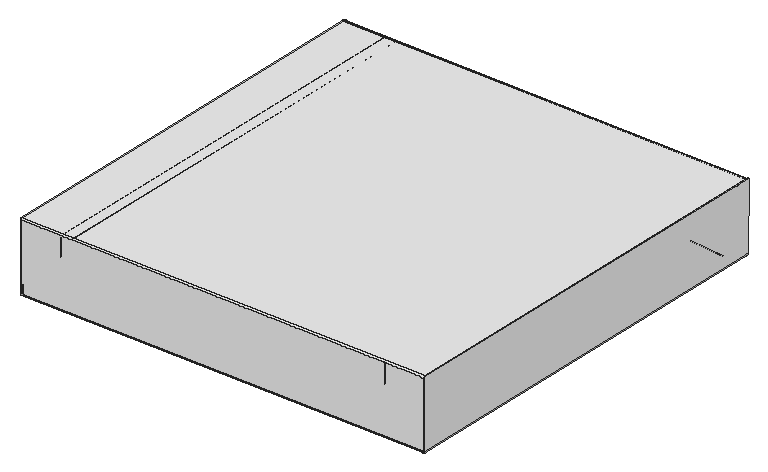
Revit family "CRS-3555", category Lighting Fixtures, host Ceiling, Revit 2019
Family settings
  Host = Ceiling
  Round Connector Dimension = Use Diameter
  Part Type = Normal
  OmniClass Number = 23.80.70.11.14.17
  OmniClass Title = Direct/Indirect
  Always vertical = Yes
  Cut with Voids When Loaded = No
  Light Source = Yes
  Shared = No
  Room Calculation Point = No
Parameters (values of type "CRS-3555-2X2-LED840K052LUNV-DSA")
  Width = 2' - 0"
  Wattage = 47 W
  built-in parameter 1150110 = 1 (stored number, unit not read)
  Voltage = 120 V  # constant formula
  URL = "https://www.viscor.com/en/products/cris-3525"
  built-in parameter 1114217 = 0.9 (stored number, unit not read)
  Tilt Angle = 90.00°
  built-in parameter 1150109 = 1 (stored number, unit not read)
  built-in parameter 1150134 = 12
  built-in parameter 1150113 = 1 (stored number, unit not read)
  Photometric Web File = "CRS-3555-2X2-LED840K052Lxxx-DSA.ies"
  Model = "CRIS-3525"  # constant formula
  Manufacturer = "CERTOLUX by VISCOR"  # constant formula
  Lumens = 4747 lm
  built-in parameter 1150115 = 1 (stored number, unit not read)
  built-in parameter 1150105 = 377.75 (stored number, unit not read)
  built-in parameter 1150137 = (empty or 0)
  built-in parameter 1150139 = (empty or 0)
  Lens Finish = Acrylic - Viscor - Frosted Prismatic P12
  Length = 2' - 0"
  Lamp Wattage = 47 VA
  built-in parameter 1150112 = 1 (stored number, unit not read)
  built-in parameter 1150114 = 1 (stored number, unit not read)
  Lamp = "LED"  # constant formula
  built-in parameter 1150132 = (empty or 0)
  built-in parameter 1150102 = (empty or 0)
  built-in parameter 1150138 = (empty or 0)
  built-in parameter 1150107 = 4000 (stored number, unit not read)
  built-in parameter 1150106 = 3.7775 (stored number, unit not read)
  Housing Finish = Metal - Viscor - White
  Height = 0' - 4 19/256"
  Emit from Rectangle Width = Width  # 2' - 0"
  Emit from Rectangle Length = Length  # 2' - 0"
  Emit Shape Visible in Rendering = no
  built-in parameter 1150104 = 9.3832 (stored number, unit not read)
  Dimming Lamp Color Temperature Shift = <None>
  Description = "LED Cleanroom Surface Mount Inset Door"  # constant formula
  Color Filter = 16777215
  built-in parameter 1114218 = 1 (stored number, unit not read)
  built-in parameter 1150133 = 10 (stored number, unit not read)
  Assembly Code = "D5020200"
  Apparent Load = Lamp Wattage  # 47 VA
Types (8): name | Width | Wattage | Photometric Web File | Lumens | built-in parameter 1150105 | Length | Lamp Wattage | built-in parameter 1150106 | Emit from Rectangle Width | Emit from Rectangle Length | built-in parameter 1150104 | Apparent Load
  (no name) | 2' - 0" | 47 W | "CRS-3555-2X2-LED840K052Lxxx-DSA.ies" | 4747 lm | 377.75 (stored number, unit not read) | 2' - 0" | 47 VA | 3.7775 (stored number, unit not read) | 2' - 0" | 2' - 0" | 9.3832 (stored number, unit not read) | 47 VA
  CRS-3555-2X2-LED840K035LUNV-P13 | 2' - 0" | 33 W | "CRS-3555-2X2-LED840K035LUNV-P13.ies" | 3531 lm | 280.99 (stored number, unit not read) | 2' - 0" | 33 VA | 2.8099 (stored number, unit not read) | 2' - 0" | 2' - 0" | 9.9406 (stored number, unit not read) | 33 VA
  CRS-3555-2X4-LED840K104LUNV-P13 | 2' - 0" | 98 W | "CRS-3555-2X4-LED840K104LUNV-P13.ies" | 10486 lm | 834.45 (stored number, unit not read) | 4' - 0" | 98 VA | 8.3445 (stored number, unit not read) | 2' - 0" | 4' - 0" | 9.9406 (stored number, unit not read) | 98 VA
  CRS-3555-1X4-LED840K104LUNV-P13 | 1' - 0" | 98 W | "CRS-3555-1X4-LED840K0104LUNV-P13.ies" | 10388 lm | 826.65 (stored number, unit not read) | 4' - 0" | 98 VA | 8.2665 (stored number, unit not read) | 1' - 0" | 4' - 0" | 9.8477 (stored number, unit not read) | 98 VA
  CRS-3555-1X4-LED840K078LUNV-P13 | 1' - 0" | 75 W | "CRS-3555-1X4-LED840K078LUNV-P13.ies" | 7800 lm | 620.7 (stored number, unit not read) | 4' - 0" | 75 VA | 6.207 (stored number, unit not read) | 1' - 0" | 4' - 0" | 9.6619 (stored number, unit not read) | 75 VA
  CRS-3555-2X2-LED840K052LUNV-P13 | 2' - 0" | 47 W | "CRS-3555-2X2-LED840K052LUNV-P13.ies" | 5217 lm | 415.16 (stored number, unit not read) | 2' - 0" | 47 VA | 4.1516 (stored number, unit not read) | 2' - 0" | 2' - 0" | 10.312 (stored number, unit not read) | 47 VA
  CRS-3555-2X4-LED840K150LUNV-P13 | 2' - 0" | 147 W | "CRS-3555-2X4-LED840K150LUNV-P13.ies" | 15141 lm | 1204.9 (stored number, unit not read) | 4' - 0" | 147 VA | 12.049 (stored number, unit not read) | 2' - 0" | 4' - 0" | 9.569 (stored number, unit not read) | 147 VA
  CRS-3555-2X2-LED840K052LUNV-DSA | 2' - 0" | 47 W | "CRS-3555-2X2-LED840K052Lxxx-DSA.ies" | 4747 lm | 377.75 (stored number, unit not read) | 2' - 0" | 47 VA | 3.7775 (stored number, unit not read) | 2' - 0" | 2' - 0" | 9.3832 (stored number, unit not read) | 47 VA
Reference planes (in)
  plane 1 "Light Source Axis (F/B)": y = 0
  plane 2 "Ceiling": z = 96
  plane 3 "Light Source Axis (L/R)": x = 0
  plane 4 "Light Source Elevation": z = 92
  plane 5: y = 12
  plane 6: y = -12
  plane 7: x = -12
  plane 8: x = 12
  plane 9: x = -11.96875
  plane 10: x = 11.96875
  plane 11 "DoorFrameBottom": z = 91.92578
  plane 12: y = 11.96875
  plane 13: y = -11.96875
  plane 14: x = -11.8125
  plane 15: y = 11.8125
  plane 16: y = -11.8125
  plane 17: x = 11.8125
Forms (in)
  Extrusion 1, solid, material "Metal - Viscor - White" <- "Housing Finish"
    sketch origin (0, 0, 0) x (0, 1, 0) y (0, 0, 1)
      loop
        arc (-11.92181, 95.99997) -> (-11.97692, 95.97714) -> (-11.99975, 95.92203) r 0.07794
        line (-11.99975, 95.92203) -> (-11.99975, 92.00428)
        arc (-11.99975, 92.00428) -> (-11.92902, 91.92703) -> (-11.85387, 92) r 0.073
        line (-11.85387, 92) -> (-11.85387, 92.6145) -> (-10.95187, 92.6145) -> (-10.95187, 92.6625) -> (-11.90187, 92.6625) -> (-11.90187, 92)
        arc (-11.90187, 92) -> (-11.92687, 91.975) -> (-11.95187, 92) r 0.025
        line (-11.95187, 92) -> (-11.95187, 95.922)
        arc (-11.95187, 95.922) -> (-11.94309, 95.94321) -> (-11.92187, 95.952) r 0.03
        line (-11.92187, 95.952) -> (11.92188, 95.952)
        arc (11.92188, 95.952) -> (11.94309, 95.94321) -> (11.95188, 95.922) r 0.03
        line (11.95188, 95.922) -> (11.95188, 92)
        arc (11.95188, 92) -> (11.92688, 91.975) -> (11.90188, 92) r 0.025
        line (11.90188, 92) -> (11.90188, 92.6625) -> (10.95188, 92.6625) -> (10.95188, 92.6145) -> (11.85388, 92.6145) -> (11.85388, 92)
        arc (11.85388, 92) -> (11.92753, 91.927) -> (11.99986, 92.00131) r 0.073
        line (11.99986, 92.00131) -> (11.99986, 95.92199)
        arc (11.99986, 95.92199) -> (11.97702, 95.97713) -> (11.92188, 95.99997) r 0.07798
        line (11.92188, 95.99997) -> (-11.92181, 95.99997)
    from -11.96875 to 11.96875
  Extrusion 2, solid, material "Metal - Viscor - White" <- "Housing Finish"
    sketch origin (0, 0, 0) x (1, 0, 0) y (0, 0, 1)
      loop
        line (-11.99987, 96) -> (-11.99987, 92)
        arc (-11.99987, 92) -> (-11.92687, 91.927) -> (-11.85387, 92) r 0.073
        line (-11.85387, 92) -> (-11.85387, 92.6145) -> (-10.9675, 92.6145) -> (-10.9675, 92.6625) -> (-11.90187, 92.6625) -> (-11.90187, 92)
        arc (-11.90187, 92) -> (-11.92687, 91.975) -> (-11.95187, 92) r 0.025
        line (-11.95187, 92) -> (-11.95187, 96) -> (-11.99987, 96)
    from -11.96875 to 11.96875
  Extrusion 3, solid, material "Metal - Viscor - White" <- "Housing Finish"
    sketch origin (0, 0, 0) x (-1, 0, 0) y (0, 0, -1)
      loop
        line (-11.99988, -96) -> (-11.95188, -96) -> (-11.95188, -92)
        arc (-11.95188, -92) -> (-11.92688, -91.975) -> (-11.90188, -92) r 0.025
        line (-11.90188, -92) -> (-11.90188, -92.6625) -> (-11.078, -92.6625) -> (-11.078, -92.6145) -> (-11.85388, -92.6145) -> (-11.85388, -92)
        arc (-11.85388, -92) -> (-11.92688, -91.927) -> (-11.99988, -92) r 0.073
        line (-11.99988, -92) -> (-11.99988, -96)
    from -11.96875 to 11.96875
  Extrusion 4, solid, material "Metal - Viscor - White" <- "Housing Finish"
    sketch origin (0, 0, 91.92578) x (0, 1, 0) y (-1, 0, 0)
      loop
        line (11.8125, 11.8125) -> (-11.8125, 11.8125) -> (-11.8125, -11.8125) -> (11.8125, -11.8125) -> (11.8125, 11.8125)
      loop
        line (10.46094, 10.46094) -> (-10.46094, 10.46094) -> (-10.46094, -10.46094) -> (10.46094, -10.46094) -> (10.46094, 10.46094)
    from 0 to 0.25
  Extrusion 5, solid, material "Metal - Viscor - White" <- "Housing Finish"
    sketch origin (0, 0, 0) x (1, 0, 0) y (0, 0, 1)
      loop
        line (-11.9675, 94.702) -> (-9.6525, 94.702)
        arc (-9.6525, 94.702) -> (-9.61007, 94.71957) -> (-9.5925, 94.762) r 0.06
        line (-9.5925, 94.762) -> (-9.5925, 95.892)
        arc (-9.5925, 95.892) -> (-9.58371, 95.91321) -> (-9.5625, 95.922) r 0.03
        line (-9.5625, 95.922) -> (-8.8725, 95.922) -> (-8.8725, 95.95325) -> (-9.5625, 95.95325)
        arc (-9.5625, 95.95325) -> (-9.60581, 95.93531) -> (-9.62375, 95.892) r 0.06125
        line (-9.62375, 95.892) -> (-9.62375, 94.762)
        arc (-9.62375, 94.762) -> (-9.63217, 94.74167) -> (-9.6525, 94.73325) r 0.02875
        line (-9.6525, 94.73325) -> (-11.9675, 94.73325) -> (-11.9675, 94.702)
    from -11.96875 to 11.96875
  Extrusion 6, solid, material "Metal - Viscor - White" <- "Housing Finish"
    sketch origin (0, 0, 0) x (-1, 0, 0) y (0, 0, -1)
      loop
        line (-11.9675, -94.702) -> (-11.9675, -94.73325) -> (-9.6525, -94.73325)
        arc (-9.6525, -94.73325) -> (-9.63217, -94.74167) -> (-9.62375, -94.762) r 0.02875
        line (-9.62375, -94.762) -> (-9.62375, -95.892)
        arc (-9.62375, -95.892) -> (-9.60581, -95.93531) -> (-9.5625, -95.95325) r 0.06125
        line (-9.5625, -95.95325) -> (-8.8725, -95.95325) -> (-8.8725, -95.922) -> (-9.5625, -95.922)
        arc (-9.5625, -95.922) -> (-9.58371, -95.91321) -> (-9.5925, -95.892) r 0.03
        line (-9.5925, -95.892) -> (-9.5925, -94.762)
        arc (-9.5925, -94.762) -> (-9.61007, -94.71957) -> (-9.6525, -94.702) r 0.06
        line (-9.6525, -94.702) -> (-11.9675, -94.702)
    from -11.96875 to 11.96875
  Extrusion 7, solid, material "Metal - Viscor - White" <- "Housing Finish"
    sketch origin (0, 0, 0) x (0, 1, 0) y (0, 0, 1)
      loop
        line (10.16759, 92.666) -> (10.89416, 92.666) -> (10.89416, 92.69725) -> (10.15666, 92.69725) -> (7.6275, 94.67325) -> (6.875, 94.67325) -> (6.875, 94.642) -> (7.61674, 94.642) -> (10.12881, 92.67936)
        arc (10.12881, 92.67936) -> (10.14708, 92.66943) -> (10.16759, 92.666) r 0.063
    from -11.96875 to 11.96875
  Extrusion 8, solid, material "Metal - Viscor - White" <- "Housing Finish"
    sketch origin (0, 0, 0) x (0, -1, 0) y (0, 0, -1)
      loop
        arc (10.16759, -92.666) -> (10.14708, -92.66943) -> (10.12881, -92.67936) r 0.063
        line (10.12881, -92.67936) -> (7.61674, -94.642) -> (6.875, -94.642) -> (6.875, -94.67325) -> (7.6275, -94.67325) -> (10.15666, -92.69725) -> (10.89416, -92.69725) -> (10.89416, -92.666) -> (10.16759, -92.666)
    from -11.96875 to 11.96875
  Extrusion 9, solid, material "Acrylic - Viscor - Frosted Prismatic P12" <- "Lens Finish"
    sketch origin (0, 0, 91.92578) x (0, 1, 0) y (-1, 0, 0)
      loop
        line (10.83594, 10.83594) -> (-10.83594, 10.83594) -> (-10.83594, -10.83594) -> (10.83594, -10.83594) -> (10.83594, 10.83594)
    from 0.04931 to 0.15087
  Extrusion 10, solid, material "Metal - Viscor - White" <- "Housing Finish"
    sketch origin (0, 0, 0) x (0, 1, 0) y (0, 0, 1)
      loop
        line (-7.675, 94.666) -> (7.675, 94.666)
        arc (7.675, 94.666) -> (7.72803, 94.68797) -> (7.75, 94.741) r 0.075
        line (7.75, 94.741) -> (7.75, 95.216)
        arc (7.75, 95.216) -> (7.72803, 95.26903) -> (7.675, 95.291) r 0.075
        line (7.675, 95.291) -> (7.25, 95.291) -> (7.25, 95.255) -> (7.675, 95.255)
        arc (7.675, 95.255) -> (7.70258, 95.24358) -> (7.714, 95.216) r 0.039
        line (7.714, 95.216) -> (7.714, 94.741)
        arc (7.714, 94.741) -> (7.70258, 94.71342) -> (7.675, 94.702) r 0.039
        line (7.675, 94.702) -> (-7.675, 94.702)
        arc (-7.675, 94.702) -> (-7.70258, 94.71342) -> (-7.714, 94.741) r 0.039
        line (-7.714, 94.741) -> (-7.714, 95.216)
        arc (-7.714, 95.216) -> (-7.70258, 95.24358) -> (-7.675, 95.255) r 0.039
        line (-7.675, 95.255) -> (-7.25, 95.255) -> (-7.25, 95.291) -> (-7.675, 95.291)
        arc (-7.675, 95.291) -> (-7.72803, 95.26903) -> (-7.75, 95.216) r 0.075
        line (-7.75, 95.216) -> (-7.75, 94.741)
        arc (-7.75, 94.741) -> (-7.72803, 94.68797) -> (-7.675, 94.666) r 0.075
    from -11.96875 to 11.96875
Dimensions and locks (in)
  equal spacing: host sketch curve, plane 3 "Light Source Axis (L/R)", host sketch curve
  equal spacing: host sketch curve, plane 1 "Light Source Axis (F/B)", host sketch curve
  host sketch curve to host sketch curve = 10' - 0"  (x2)
  equal spacing: plane 7, plane 3 "Light Source Axis (L/R)", plane 8
  equal spacing: plane 5, plane 1 "Light Source Axis (F/B)", plane 6
  locked: plane 10 to plane 8 at 0.03125
  "Length": plane 7 to plane 8
  "Width": plane 5 to plane 6
  plane 7 to plane 9 = 0' - 0 1/32"
  "Height": plane 2 "Ceiling" to plane 11 "DoorFrameBottom"
  locked: plane 13 to plane 6 at 0.03125
  locked: plane 12 to plane 5 at 0.03125
  plane 5 to plane 15 to Extrusion 1 = 0' - 0 3/16" locked, 1' - 10.76437"
  locked: plane 7 to plane 14 at 0.1875
  plane 6 to plane 16 to Extrusion 1 = 0' - 0 3/16" locked, 1' - 10.76438"
  locked: plane 17 to plane 8 at 0.1875
  aligned and locked: plane 3 "Light Source Axis (L/R)" to imposter light
  aligned and locked: plane 1 "Light Source Axis (F/B)" to imposter light
  aligned and locked: plane 4 "Light Source Elevation" to imposter light
  aligned and locked: Extrusion 1 to plane 9
  aligned and locked: plane 10 to Extrusion 1
  aligned and locked: plane 13 to Extrusion 2
  aligned and locked: Extrusion 2 to plane 12
  aligned and locked: Extrusion 3 to plane 12
  aligned and locked: plane 13 to Extrusion 3
  aligned and locked: Extrusion 4 sketch curve to plane 14
  aligned and locked: Extrusion 4 sketch curve to plane 15
  aligned and locked: Extrusion 4 sketch curve to plane 16
  aligned and locked: Extrusion 4 sketch curve to plane 17
  aligned and locked: Extrusion 5 to plane 12
  aligned and locked: plane 13 to Extrusion 5
  aligned and locked: Extrusion 6 to plane 12
  aligned and locked: plane 13 to Extrusion 6
  aligned and locked: plane 10 to Extrusion 7
  aligned and locked: Extrusion 7 to plane 9
  aligned and locked: Extrusion 8 to plane 9
  aligned and locked: plane 10 to Extrusion 8
  aligned and locked: Extrusion 10 to plane 9
  aligned and locked: plane 10 to Extrusion 10
Automatic sketch dimensions
  Extrusion 1 sketch curve to Extrusion 1 sketch curve = 0' - 0"  (x4)
  plane 4 "Light Source Elevation" to Extrusion 1 sketch curve = 0' - 0"  (x2)
  plane 6 to Extrusion 1 sketch curve = 0' - 0.00025"
  plane 13 to Extrusion 1 sketch curve = 0' - 0.01688"
  Extrusion 1 sketch curve to Extrusion 1 sketch curve = 0' - 0.025"  (x2)
  Extrusion 1 sketch curve to Extrusion 1 sketch curve = 0' - 0.03"
  Extrusion 1 sketch curve to plane 2 "Ceiling" = 0' - 0.00003"
  plane 13 to Extrusion 1 sketch curve = 0' - 0.04694"
  Extrusion 1 sketch curve to plane 16 = 0' - 0.04137"
  plane 16 to Extrusion 1 sketch curve = 0' - 0.86063"
  Extrusion 1 sketch curve to plane 15 = 0' - 0.86062"
  plane 15 to Extrusion 1 sketch curve = 0' - 0.04138"
  Extrusion 1 sketch curve to plane 12 = 0' - 0.06687"
  Extrusion 1 sketch curve to plane 12 = 0' - 0 3/64"  (x2)
  Extrusion 1 sketch curve to plane 5 = 0' - 0.00014"
  Extrusion 1 sketch curve to plane 4 "Light Source Elevation" = 0' - 0.6145"  (x2)
  Extrusion 1 sketch curve to Extrusion 1 sketch curve = 0' - 0.048"  (x2)
  Extrusion 1 sketch curve to Extrusion 1 sketch curve = 0' - 0.00003"
  Extrusion 2 sketch curve to Extrusion 2 sketch curve = 0' - 0"  (x2)
  Extrusion 2 sketch curve to plane 4 "Light Source Elevation" = 0' - 0"
  Extrusion 2 sketch curve to plane 2 "Ceiling" = 0' - 0"
  plane 7 to Extrusion 2 sketch curve = 0' - 0.00013"
  plane 9 to Extrusion 2 sketch curve = 0' - 0.01688"
  Extrusion 2 sketch curve to Extrusion 2 sketch curve = 0' - 0.025"
  plane 14 to Extrusion 2 sketch curve = 0' - 0.845"
  Extrusion 2 sketch curve to plane 4 "Light Source Elevation" = 0' - 0.6145"
  Extrusion 2 sketch curve to Extrusion 2 sketch curve = 0' - 0.048"
  Extrusion 3 sketch curve to Extrusion 3 sketch curve = 0' - 0"  (x2)
  Extrusion 3 sketch curve to plane 4 "Light Source Elevation" = 0' - 0"
  Extrusion 3 sketch curve to plane 2 "Ceiling" = 0' - 0"
  plane 8 to Extrusion 3 sketch curve = 0' - 0.00012"
  plane 10 to Extrusion 3 sketch curve = 0' - 0.01688"
  Extrusion 3 sketch curve to Extrusion 3 sketch curve = 0' - 0.025"
  plane 17 to Extrusion 3 sketch curve = 0' - 0.7345"
  plane 4 "Light Source Elevation" to Extrusion 3 sketch curve = 0' - 0.6145"
  Extrusion 3 sketch curve to Extrusion 3 sketch curve = 0' - 0.048"
  plane 16 to Extrusion 4 sketch curve = 0' - 1 45/128"
  Extrusion 4 sketch curve to plane 15 = 0' - 1 45/128"
  Extrusion 4 sketch curve to plane 17 = 0' - 1 45/128"
  plane 14 to Extrusion 4 sketch curve = 0' - 1 45/128"
  Extrusion 5 sketch curve to Extrusion 5 sketch curve = 0' - 0"  (x4)
  plane 9 to Extrusion 5 sketch curve = 0' - 0.00125"
  Extrusion 5 sketch curve to plane 2 "Ceiling" = 0' - 1.238"
  plane 14 to Extrusion 5 sketch curve = 0' - 2.16"
  Extrusion 5 sketch curve to plane 2 "Ceiling" = 0' - 0.108"
  Extrusion 5 sketch curve to Extrusion 5 sketch curve = 0' - 0.02875"
  Extrusion 5 sketch curve to Extrusion 5 sketch curve = 0' - 0 1/32"
  Extrusion 5 sketch curve to Extrusion 5 sketch curve = 0' - 0.03"
  Extrusion 5 sketch curve to Extrusion 5 sketch curve = 0' - 0.69"
  Extrusion 6 sketch curve to Extrusion 6 sketch curve = 0' - 0"  (x4)
  plane 10 to Extrusion 6 sketch curve = 0' - 0.00125"
  plane 2 "Ceiling" to Extrusion 6 sketch curve = 0' - 1.238"
  plane 17 to Extrusion 6 sketch curve = 0' - 2.16"
  plane 2 "Ceiling" to Extrusion 6 sketch curve = 0' - 0.108"
  Extrusion 6 sketch curve to Extrusion 6 sketch curve = 0' - 0.02875"
  Extrusion 6 sketch curve to Extrusion 6 sketch curve = 0' - 0 1/32"
  Extrusion 6 sketch curve to Extrusion 6 sketch curve = 0' - 0.03"
  Extrusion 6 sketch curve to Extrusion 6 sketch curve = 0' - 0.69"
  Extrusion 7 sketch curve to plane 2 "Ceiling" = 0' - 1.32675"
  Extrusion 7 sketch curve to plane 15 = 0' - 4 15/16"
  Extrusion 7 sketch curve to Extrusion 7 sketch curve = 0' - 0.74174"
  Extrusion 7 sketch curve to Extrusion 7 sketch curve = 0' - 0.01076"
  Extrusion 7 sketch curve to plane 4 "Light Source Elevation" = 0' - 0.67936"
  Extrusion 7 sketch curve to plane 15 = 0' - 1.68369"
  Extrusion 7 sketch curve to plane 4 "Light Source Elevation" = 0' - 0.69725"
  Extrusion 7 sketch curve to Extrusion 7 sketch curve = 0' - 0.02785"
  Extrusion 7 sketch curve to Extrusion 7 sketch curve = 0' - 0.01093"
  Extrusion 7 sketch curve to Extrusion 7 sketch curve = 0' - 0 93/128"
  Extrusion 7 sketch curve to Extrusion 7 sketch curve = 0' - 0 1/32"  (x2)
  plane 2 "Ceiling" to Extrusion 8 sketch curve = 0' - 1.32675"
  Extrusion 8 sketch curve to plane 16 = 0' - 4 15/16"
  Extrusion 8 sketch curve to Extrusion 8 sketch curve = 0' - 0.74174"
  Extrusion 8 sketch curve to Extrusion 8 sketch curve = 0' - 0.01076"
  plane 4 "Light Source Elevation" to Extrusion 8 sketch curve = 0' - 0.67936"
  Extrusion 8 sketch curve to plane 16 = 0' - 1.68369"
  plane 4 "Light Source Elevation" to Extrusion 8 sketch curve = 0' - 0.69725"
  Extrusion 8 sketch curve to Extrusion 8 sketch curve = 0' - 0.02785"
  Extrusion 8 sketch curve to Extrusion 8 sketch curve = 0' - 0.01093"
  Extrusion 8 sketch curve to Extrusion 8 sketch curve = 0' - 0 93/128"
  Extrusion 8 sketch curve to Extrusion 8 sketch curve = 0' - 0 1/32"  (x2)
  plane 16 to Extrusion 9 sketch curve = 0' - 0 125/128"
  Extrusion 9 sketch curve to plane 15 = 0' - 0 125/128"
  Extrusion 9 sketch curve to plane 17 = 0' - 0 125/128"
  plane 14 to Extrusion 9 sketch curve = 0' - 0 125/128"
  Extrusion 10 sketch curve to plane 2 "Ceiling" = 0' - 1.259"
  Extrusion 10 sketch curve to plane 15 = 0' - 4.1375"
  Extrusion 10 sketch curve to Extrusion 10 sketch curve = 0' - 0.075"  (x4)
  plane 16 to Extrusion 10 sketch curve = 0' - 4.1375"
  Extrusion 10 sketch curve to Extrusion 10 sketch curve = 0' - 0.475"  (x2)
  Extrusion 10 sketch curve to Extrusion 10 sketch curve = 0' - 0.425"  (x2)
  Extrusion 10 sketch curve to Extrusion 10 sketch curve = 0' - 0"  (x8)
  Extrusion 10 sketch curve to Extrusion 10 sketch curve = 0' - 0.036"
Connectors (in)
  electrical at (0, 0, 91.92578), driven by "Voltage", driven by "Lamp Wattage"
    settings: on Extrusion 4, index 1, voltage 120 V, apparent load 0 VA, apparent load phase1 47 VA, apparent load phase2 0 VA, apparent load phase3 0 VA, power factor 1, load classification "Other", number of poles 1, system type 31, power factor state 1, is connector primary yes, connector utility no, sub classification motor no, connector description ""
